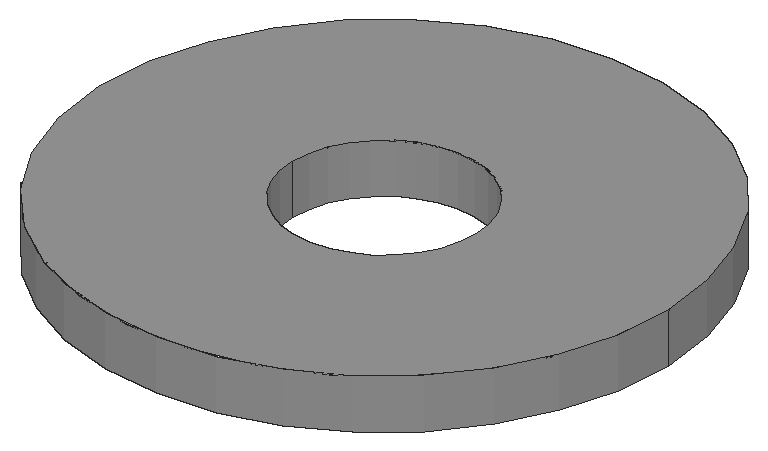
Revit family "Unterlegscheibe-DIN440 11 A2", category Generic Models, Revit 2017
Family settings
  Can host rebar = No
  Round Connector Dimension = Use Diameter
  Part Type = Normal
  Work Plane-Based = No
  Always vertical = Yes
  Cut with Voids When Loaded = No
  Shared = No
  Room Calculation Point = No
Parameters (values of type "DIN440 11 A2")
  URL = "http://www.obo-bettermann.com"
  Material = Edelstahl, rostfrei 1.4301
  Manufacturer Art.No. = "6408732"
  Manufacturer = "OBO BETTERMANN"
  Height = 3 mm
  GTIN = "4012196712243"
  Diameter 1 = 11 mm
  Diameter = 34 mm
  Article Type = "DIN440 11 A2"
Reference planes
  plane 1 "Center (Front/Back)": y = 0
  plane 2: z = 0
  plane 3 "Center (Left/Right)": x = 0
  plane 4: z = 3
Forms (mm)
  Extrusion 1, solid, material "Edelstahl, rostfrei 1.4301"
    sketch origin (0, 0, 0) x (1, 0, 0) y (0, 1, 0)
      loop
        circle (0, 0) r 5.5
      loop
        circle (0, 0) r 17
    from 0 to 3
Dimensions and locks
  locked: plane 3 "Center (Left/Right)" to Extrusion 1 sketch curve  (x2)
  locked: plane 3 "Center (Left/Right)" to Extrusion 1 sketch curve at 5.5
  locked: plane 3 "Center (Left/Right)" to Extrusion 1 sketch curve at 17
  diameter of Extrusion 1 sketch curve = 11 mm
  diameter of Extrusion 1 sketch curve = 34 mm
  aligned and locked: level to plane 2
  aligned and locked: Extrusion 1 to plane 4
  aligned and locked: Extrusion 1 to level
